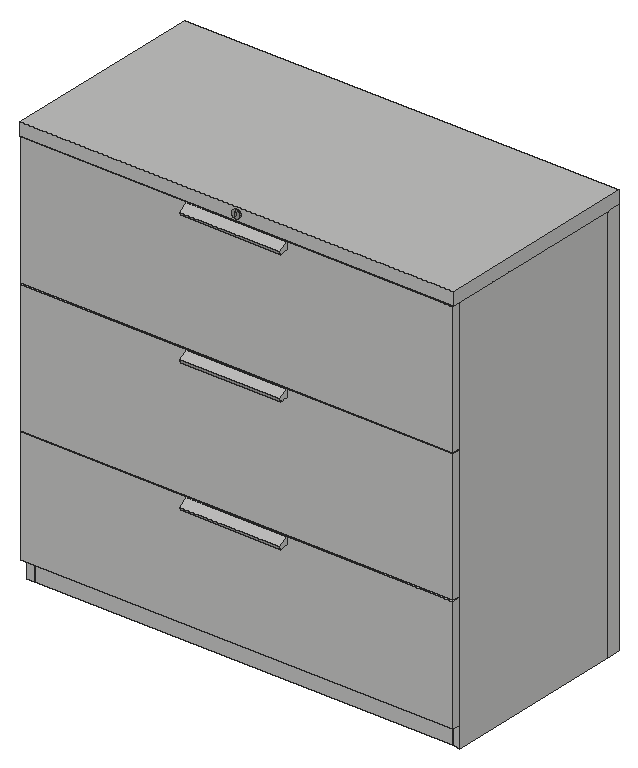
Revit family "Storage-Teknion-PLDBS_Bar_Height_Drawer_Cabinet_Standard-R2015", category Furniture, Revit 2015
Parameters (values of type "Bar Height Drawer Cabinet - Standard")
  Width [instance] = 42.0000"
  Warranty = "http://www.teknion.com/ca/papers/legal-canada"
  Unit Weight URL = "http://www.teknion.com/ca/tools/assets#&asset=bee6a381-b954-425e-8283-5a2de3a804f2,f828d448-4b62-4231-9e5f-9a8991c0ed77"
  URL = "www.teknion.com"
  Top of Top Drawer [instance] = if(Drawer Combination Choice, 11.0790", 12.6790")  # 12.6790"
  Top of Middle Drawer [instance] = if(Drawer Combination Choice, 11.0790", 12.6790")  # 12.6790"
  Top of Bottom Drawer [instance] = if(Drawer Combination Choice, 14.2790", 11.0790")  # 11.0790"
  Sustainability Data = "http://www.teknion.com/ca/tools/assets#&topic=216f99a5-57a0-44fc-b10a-9dee9b29ae4c&asset=444deb64-fe58-4b68-981e-f75e97781df7"
  Series = "Ledger Plus"  # constant formula
  Product Page URL = "http://www.teknion.com/ca/products/product-details?productlineid=1293336e-8e7a-673b-a6c8-ff00004460c4"
  Product Line = "Filing and Storage"
  Product Documentation Link = "http://www.teknion.com/pricing/filing-storage/pdfs/PLDBS_ppg.pdf"
  Part Number = "PLDBS"
  Model = "PLDBS_"
  Manufacturer Phone = "416-661-3370"  # constant formula
  Manufacturer Fax = "416.661.4586"  # constant formula
  Manufacturer Contact Information = "http://www.teknion.com/ca/contactus"
  Manufacturer Address = "1150 Flint Road, Toronto, ON. M3J 2J5. Canada"  # constant formula
  Manufacturer = "Teknion"  # constant formula
  Lock Finish [instance] = Stainless Steel, Polished
  Height = 40.0000"  # constant formula
  Has Interpret Handle Style [instance] = not(Has District Handle Style)  # no
  Has District Handle Style [instance] = yes
  Handle Interior Finish [instance] = Paint - Teknion - Accent - Mineral Teal
  Handle Exterior Finish [instance] = Paint - Teknion - Foundation - Crisp Grey
  Front Finish [instance] = Paint - Teknion - Foundation - Crisp Grey
  Drawer Combination Choice [instance] = no
  Drawer Combination [instance] = if(Drawer Combination Choice, "File/File/Extra Large File", "Large File/Large File/File")  # "Large File/Large File/File"
  District Cutout [instance] = if(Has Interpret Handle Style, 7.0000", 1.0000")  # 1.0000"
  Description = "Bar Height Drawer Cabinet - 40\" High"
  Depth [instance] = 20.0000"
  Case Finish [instance] = Paint - Teknion - Foundation - Crisp Grey
  Bottom of Top Drawer [instance] = if(Drawer Combination Choice, 0.1210", 0.1210")  # 0.1210"
  Bottom of Middle Drawer [instance] = if(Drawer Combination Choice, 0.1210", 0.1210")  # 0.1210"
  Bottom of Bottom Drawer [instance] = if(Drawer Combination Choice, 2.0580", 1.9820")  # 1.9820"
  Available Widths [instance] = "24, 30 ,36 , & 42 Inches"  # constant formula
  Available Drawer Combination = "[checked]= File/File/Extra Large File [unchecked]= Large File/Large File/ File"  # constant formula
  Available Depths [instance] = "18, & 20 Inches"  # constant formula
  Assembly Code = "E2020200"
Reference planes (in)
  plane 1 "Center Front/Back": y = 0
  plane 2: z = 0
  plane 3 "Center Left/Right": x = 0
  plane 4 "Left": x = -21
  plane 5 "Right": x = 21
  plane 6 "Back": y = 10
  plane 7 "Front": y = -10
  plane 8 "Top": z = 40
  plane 9 "Left Inner": x = -20.25
  plane 10 "Right Inner": x = 20.25
  plane 11 "Top Underside": z = 38.76
  plane 12 "Drawer back": y = -9.25
  plane 13 "Case Front": y = -9.195
  plane 14 "Bottom Base": z = 1.806
  plane 15: y = 9.25
  plane 16: y = 8.73
  plane 17 "bottom of bottom": z = 1.982
  plane 18 "top of bottom": z = 13.061
  plane 19 "bottom of middle": z = 13.182
  plane 20 "top of middle": z = 25.861
  plane 21 "bottom of top": z = 25.982
  plane 22 "top of top": z = 38.661
  plane 23 "Cutout": y = -15
Forms (in)
  Extrusion 1, solid, material "Paint - Teknion - Foundation - Crisp Grey" <- "Case Finish"
    sketch origin (0, 0, 38.76) x (-1, 0, 0) y (0, -1, 0)
      loop
        line (21, -10) -> (21, 10) -> (-21, 10) -> (-21, -10) -> (21, -10)
    from 0 to 1.24
  Extrusion 2, solid, material "Paint - Teknion - Foundation - Crisp Grey" <- "Case Finish"
    sketch origin (0, 0, 1.806) x (-1, 0, 0) y (0, -1, 0)
      loop
        line (20.25, -9.25) -> (20.25, 9.195) -> (-20.25, 9.195) -> (-20.25, -9.25) -> (20.25, -9.25)
    from 0 to 0.75
  Extrusion 3, solid, material "Paint - Teknion - Foundation - Crisp Grey" <- "Case Finish"
    sketch origin (0, 0, 0) x (1, 0, 0) y (0, 1, 0)
      loop
        line (-21, 10) -> (-21, 8.73) -> (-20.25, 8.73) -> (-20.25, 9.25) -> (20.25, 9.25) -> (20.25, 8.73) -> (21, 8.73) -> (21, 10) -> (-21, 10)
    from 0 to 38.76
  Extrusion 4, solid, material "Paint - Teknion - Foundation - Crisp Grey" <- "Case Finish"
    sketch origin (0, 0, 0) x (1, 0, 0) y (0, 1, 0)
      loop
        line (-21, 8.73) -> (-21, -9.195) -> (-20.25, -9.195) -> (-20.25, 8.73) -> (-21, 8.73)
    from 0 to 38.76
  Extrusion 5, solid, material "Paint - Teknion - Foundation - Crisp Grey" <- "Case Finish"
    sketch origin (0, 0, 0) x (1, 0, 0) y (0, 1, 0)
      loop
        line (20.25, 8.73) -> (20.25, -9.195) -> (21, -9.195) -> (21, 8.73) -> (20.25, 8.73)
    from 0 to 38.76
  Extrusion 6, solid, material "Paint - Teknion - Foundation - Crisp Grey" <- "Front Finish"
    sketch origin (0, 0, 1.982) x (-1, 0, 0) y (0, -1, 0)
      loop
        line (20.9375, 9.25) -> (20.9375, 10) -> (-20.9375, 10) -> (-20.9375, 9.25) -> (20.9375, 9.25)
    from 0 to 11.079
  Extrusion 7, solid, material "Paint - Teknion - Foundation - Crisp Grey" <- "Front Finish"
    sketch origin (0, 0, 25.982) x (-1, 0, 0) y (0, -1, 0)
      loop
        line (20.9375, 9.25) -> (20.9375, 10) -> (-20.9375, 10) -> (-20.9375, 9.25) -> (20.9375, 9.25)
    from 12.679 to 0
  Extrusion 8, solid, material "Paint - Teknion - Foundation - Crisp Grey" <- "Front Finish"
    sketch origin (0, 0, 13.182) x (-1, 0, 0) y (0, -1, 0)
      loop
        line (20.9375, 9.25) -> (20.9375, 10) -> (-20.9375, 10) -> (-20.9375, 9.25) -> (20.9375, 9.25)
    from 0 to 12.679
  Extrusion 9, solid, material "Paint - Teknion - Foundation - Crisp Grey" <- "Handle Exterior Finish", visible <- "Has District Handle Style"
    sketch origin (0, 0, 0) x (0, 1, 0) y (0, 0, 1)
      loop
        line (-10, 38.22799) -> (-10, 38.661) -> (-10.86603, 38.161) -> (-10.67853, 37.83624)
        arc (-10.67853, 37.83624) -> (-10.34625, 37.93564) -> (-10, 37.91579) r 1.00175
        line (-10, 37.91579) -> (-10, 38.22799)
    from -4.8425 to 4.8425
  Extrusion 10, solid, material "Paint - Teknion - Foundation - Crisp Grey" <- "Handle Exterior Finish", visible <- "Has District Handle Style"
    sketch origin (0, 0, 0) x (0, 1, 0) y (0, 0, 1)
      loop
        line (-10, 25.42799) -> (-10, 25.861) -> (-10.86603, 25.361) -> (-10.67853, 25.03624)
        arc (-10.67853, 25.03624) -> (-10.34625, 25.13564) -> (-10, 25.11579) r 1.00175
        line (-10, 25.11579) -> (-10, 25.42799)
    from -4.8425 to 4.8425
  Extrusion 11, solid, material "Paint - Teknion - Foundation - Crisp Grey" <- "Handle Exterior Finish", visible <- "Has District Handle Style"
    sketch origin (0, 0, 0) x (0, 1, 0) y (0, 0, 1)
      loop
        line (-10, 12.62799) -> (-10, 13.061) -> (-10.86603, 12.561) -> (-10.67853, 12.23624)
        arc (-10.67853, 12.23624) -> (-10.34625, 12.33564) -> (-10, 12.31579) r 1.00175
        line (-10, 12.31579) -> (-10, 12.62799)
    from -4.8425 to 4.8425
  Extrusion 12, solid, material "Paint - Teknion - Foundation - Crisp Grey" <- "Case Finish"
    sketch origin (0, 0, 0) x (1, 0, 0) y (0, 1, 0)
      loop
        line (-20.25, -9.195) -> (20.25, -9.195) -> (20.25, -8.445) -> (-20.25, -8.445) -> (-20.25, -9.195)
    from 0 to 1.806
  Extrusion 13, void
    sketch origin (0, -15, 0) x (-1, 0, 0) y (0, 0, 1)
      loop
        line (4.515, 38.661) -> (-4.515, 38.661) -> (-4.515, 37.246)
        arc (-4.515, 37.246) -> (-4.45642, 37.10458) -> (-4.315, 37.046) r 0.2
        line (-4.315, 37.046) -> (4.315, 37.046)
        arc (4.315, 37.046) -> (4.45642, 37.10458) -> (4.515, 37.246) r 0.2
        line (4.515, 37.246) -> (4.515, 38.661)
    from 0 to 1 <- "District Cutout"
  Extrusion 14, void
    sketch origin (0, -15, 0) x (-1, 0, 0) y (0, 0, 1)
      loop
        line (4.515, 25.861) -> (-4.515, 25.861) -> (-4.515, 24.446)
        arc (-4.515, 24.446) -> (-4.45642, 24.30458) -> (-4.315, 24.246) r 0.2
        line (-4.315, 24.246) -> (4.315, 24.246)
        arc (4.315, 24.246) -> (4.45642, 24.30458) -> (4.515, 24.446) r 0.2
        line (4.515, 24.446) -> (4.515, 25.861)
    from 0 to 1 <- "District Cutout"
  Extrusion 15, void
    sketch origin (0, -15, 0) x (-1, 0, 0) y (0, 0, 1)
      loop
        line (4.515, 13.061) -> (-4.515, 13.061) -> (-4.515, 11.646)
        arc (-4.515, 11.646) -> (-4.45642, 11.50458) -> (-4.315, 11.446) r 0.2
        line (-4.315, 11.446) -> (4.315, 11.446)
        arc (4.315, 11.446) -> (4.45642, 11.50458) -> (4.515, 11.646) r 0.2
        line (4.515, 11.646) -> (4.515, 13.061)
    from 0 to 1 <- "District Cutout"
  Extrusion 16, solid, material "Stainless Steel, Polished" <- "Lock Finish"
    sketch origin (0, -10, 0) x (-1, 0, 0) y (0, 0, -1)
      loop
        circle (0, -39.38) r 0.4
      loop
        line (0.06269, -39.60017) -> (0.06269, -39.15983) -> (-0.06269, -39.15983) -> (-0.06269, -39.60017) -> (0.06269, -39.60017)
    from 0.1 to 0
  Extrusion 17, solid, material "Paint - Teknion - Foundation - Crisp Grey" <- "Handle Exterior Finish", visible <- "Has Interpret Handle Style"
    sketch origin (0, -10, 0) x (-1, 0, 0) y (0, 0, -1)
      loop
        arc (4.618, -37.35393) -> (4.50265, -37.07545) -> (4.22417, -36.9601) r 0.39383
        line (4.22417, -36.9601) -> (-4.12448, -36.9601)
        arc (-4.12448, -36.9601) -> (-4.47345, -37.10465) -> (-4.618, -37.45362) r 0.49352
        line (-4.618, -37.45362) -> (-4.618, -38.7096) -> (4.618, -38.7096) -> (4.618, -37.35393)
    from 0 to 0.044
  Extrusion 18, solid, material "Paint - Teknion - Foundation - Crisp Grey" <- "Handle Exterior Finish", visible <- "Has Interpret Handle Style"
    sketch origin (0, -10, 0) x (-1, 0, 0) y (0, 0, -1)
      loop
        arc (4.618, -24.55393) -> (4.50265, -24.27545) -> (4.22417, -24.1601) r 0.39383
        line (4.22417, -24.1601) -> (-4.12448, -24.1601)
        arc (-4.12448, -24.1601) -> (-4.47345, -24.30465) -> (-4.618, -24.65362) r 0.49352
        line (-4.618, -24.65362) -> (-4.618, -25.9096) -> (4.618, -25.9096) -> (4.618, -24.55393)
    from 0 to 0.044
  Extrusion 19, solid, material "Paint - Teknion - Foundation - Crisp Grey" <- "Handle Exterior Finish", visible <- "Has Interpret Handle Style"
    sketch origin (0.01263, -10, 0) x (-1, 0, 0) y (0, 0, -1)
      loop
        arc (4.63063, -11.75393) -> (4.51528, -11.47545) -> (4.2368, -11.3601) r 0.39383
        line (4.2368, -11.3601) -> (-4.11185, -11.3601)
        arc (-4.11185, -11.3601) -> (-4.46082, -11.50465) -> (-4.60537, -11.85362) r 0.49352
        line (-4.60537, -11.85362) -> (-4.60537, -13.1096) -> (4.63063, -13.1096) -> (4.63063, -11.75393)
    from 0 to 0.044
  Extrusion 20, solid, material "Paint - Teknion - Foundation - Crisp Grey" <- "Handle Exterior Finish", visible <- "Has Interpret Handle Style"
    sketch origin (0, -10, 0) x (-1, 0, 0) y (0, 0, -1)
      loop
        line (4.5315, -38.661) -> (4.5315, -37.5135)
        arc (4.5315, -37.5135) -> (4.39457, -37.18293) -> (4.064, -37.046) r 0.4675
        line (4.064, -37.046) -> (-4.064, -37.046)
        arc (-4.064, -37.046) -> (-4.39457, -37.18293) -> (-4.5315, -37.5135) r 0.4675
        line (-4.5315, -37.5135) -> (-4.5315, -38.661) -> (-4.618, -38.661) -> (-4.618, -38.7096) -> (4.618, -38.7096) -> (4.618, -38.661) -> (4.5315, -38.661)
    from 0 to -0.75
  Extrusion 21, solid, material "Paint - Teknion - Foundation - Crisp Grey" <- "Handle Exterior Finish", visible <- "Has Interpret Handle Style"
    sketch origin (0, -10, 0) x (-1, 0, 0) y (0, 0, -1)
      loop
        line (4.5315, -25.861) -> (4.5315, -24.7135)
        arc (4.5315, -24.7135) -> (4.39457, -24.38293) -> (4.064, -24.246) r 0.4675
        line (4.064, -24.246) -> (-4.064, -24.246)
        arc (-4.064, -24.246) -> (-4.39457, -24.38293) -> (-4.5315, -24.7135) r 0.4675
        line (-4.5315, -24.7135) -> (-4.5315, -25.861) -> (-4.618, -25.861) -> (-4.618, -25.9096) -> (4.618, -25.9096) -> (4.618, -25.861) -> (4.5315, -25.861)
    from 0 to -0.75
  Extrusion 22, solid, material "Paint - Teknion - Foundation - Crisp Grey" <- "Handle Exterior Finish", visible <- "Has Interpret Handle Style"
    sketch origin (0.07513, -10, 0) x (-1, 0, 0) y (0, 0, -1)
      loop
        line (4.60663, -13.061) -> (4.60663, -11.9135)
        arc (4.60663, -11.9135) -> (4.4697, -11.58293) -> (4.13914, -11.446) r 0.4675
        line (4.13914, -11.446) -> (-3.98887, -11.446)
        arc (-3.98887, -11.446) -> (-4.31944, -11.58293) -> (-4.45637, -11.9135) r 0.4675
        line (-4.45637, -11.9135) -> (-4.45637, -13.061) -> (-4.54287, -13.061) -> (-4.54287, -13.1096) -> (4.69313, -13.1096) -> (4.69313, -13.061) -> (4.60663, -13.061)
    from 0 to -0.75
  Extrusion 23, void
    sketch origin (0, 0, 0) x (0, 1, 0) y (0, 0, 1)
      loop
        line (-10.044, 37.05743) -> (-9.94181, 37.39503) -> (-9.91434, 37.42866) -> (-9.8833, 37.42472) -> (-9.85079, 37.37697) -> (-9.83665, 37.3436) -> (-9.79356, 37.29987) -> (-9.73867, 37.25897) -> (-9.66568, 37.2233) -> (-9.59017, 37.2017) -> (-9.54276, 37.19801) -> (-9.3409, 37.19589) -> (-9.3409, 38.5242) -> (-9.56257, 38.52149) -> (-9.69401, 38.48491) -> (-9.78341, 38.42854) -> (-9.82935, 38.38649) -> (-9.84769, 38.35404) -> (-9.85605, 38.31657) -> (-9.89655, 38.29306) -> (-10.01601, 38.2941)
        arc (-10.01601, 38.2941) -> (-10.03511, 38.29663) -> (-10.044, 38.31371) r 0.02086
        line (-10.044, 38.31371) -> (-10.044, 37.05743)
    from -4.1195 to 4.1195
  Extrusion 24, void
    sketch origin (0, 0, 0) x (0, 1, 0) y (0, 0, 1)
      loop
        line (-10.044, 24.25743) -> (-9.94181, 24.59503) -> (-9.91434, 24.62866) -> (-9.8833, 24.62472) -> (-9.85079, 24.57697) -> (-9.83665, 24.5436) -> (-9.79356, 24.49987) -> (-9.73867, 24.45897) -> (-9.66568, 24.4233) -> (-9.59017, 24.4017) -> (-9.54276, 24.39801) -> (-9.3409, 24.39589) -> (-9.3409, 25.7242) -> (-9.56257, 25.72149) -> (-9.69401, 25.68491) -> (-9.78341, 25.62854) -> (-9.82935, 25.58649) -> (-9.84769, 25.55404) -> (-9.85605, 25.51657) -> (-9.89655, 25.49306) -> (-10.01601, 25.4941)
        arc (-10.01601, 25.4941) -> (-10.03511, 25.49663) -> (-10.044, 25.51371) r 0.02086
        line (-10.044, 25.51371) -> (-10.044, 24.25743)
    from -4.1195 to 4.1195
  Extrusion 25, void
    sketch origin (0, 0, 0) x (0, 1, 0) y (0, 0, 1)
      loop
        line (-10.044, 11.45743) -> (-9.94181, 11.79503) -> (-9.91434, 11.82866) -> (-9.8833, 11.82472) -> (-9.85079, 11.77697) -> (-9.83665, 11.7436) -> (-9.79356, 11.69987) -> (-9.73867, 11.65897) -> (-9.66568, 11.6233) -> (-9.59017, 11.6017) -> (-9.54276, 11.59801) -> (-9.3409, 11.59589) -> (-9.3409, 12.9242) -> (-9.56257, 12.92149) -> (-9.69401, 12.88491) -> (-9.78341, 12.82854) -> (-9.82935, 12.78649) -> (-9.84769, 12.75404) -> (-9.85605, 12.71657) -> (-9.89655, 12.69306) -> (-10.01601, 12.6941)
        arc (-10.01601, 12.6941) -> (-10.03511, 12.69663) -> (-10.044, 12.71371) r 0.02086
        line (-10.044, 12.71371) -> (-10.044, 11.45743)
    from -4.1195 to 4.1195
Cuts and joins
  Extrusion 13 cuts Extrusion 7
  Extrusion 14 cuts Extrusion 8
  Extrusion 15 cuts Extrusion 6
  Extrusion 23 cuts Extrusion 17
  Extrusion 23 cuts Extrusion 20
  joined: Extrusion 17, Extrusion 20
  Extrusion 24 cuts Extrusion 18
  Extrusion 24 cuts Extrusion 21
  joined: Extrusion 18, Extrusion 21
  Extrusion 25 cuts Extrusion 19
  Extrusion 25 cuts Extrusion 22
  joined: Extrusion 19, Extrusion 22
Lines and regions (in)
  Masking region 1
    outline origin (0, 0, 0) x (1, 0, 0) y (0, 1, 0)
      loop
        line (-21, 10) -> (-21, -10) -> (21, -10) -> (21, 10) -> (-21, 10)
  Masking region 2, visible <- "Has Interpret Handle Style"
    outline origin (0, 0, 0) x (1, 0, 0) y (0, 1, 0)
      loop
        line (-4.618, -10.044) -> (4.66784, -10.044) -> (4.66784, -10) -> (-4.618, -10) -> (-4.618, -10.044)
  Masking region 3, visible <- "Has District Handle Style"
    outline origin (0, 0, 0) x (1, 0, 0) y (0, 1, 0)
      loop
        line (-4.8425, -10) -> (-4.8425, -10.86603) -> (4.8425, -10.86603) -> (4.8425, -10) -> (-4.8425, -10)
  Masking region 4
    outline origin (0, 0, 0) x (1, 0, 0) y (0, 1, 0)
      loop
        line (-0.40074, -10) -> (-0.40074, -10.1) -> (0.39926, -10.1) -> (0.39926, -10) -> (-0.40074, -10)
  symbolic lines, style "FurnitureHiddenLines", detail levels medium+fine
    curve 1: line (-20.9375, -10, 0) -> (-20.9375, -9.25, 0)
    curve 2: line (-20.9375, -9.25, 0) -> (20.9375, -9.25, 0)
    curve 3: line (20.9375, -9.25, 0) -> (20.9375, -10, 0)
    curve 4: line (20.25, -9.195, 0) -> (20.25, 9.25, 0)
    curve 5: line (20.25, 9.25, 0) -> (-20.25, 9.25, 0)
    curve 6: line (-20.25, 9.25, 0) -> (-20.25, -9.195, 0)
    curve 7: line (-20.25, -8.445, 0) -> (20.25, -8.445, 0)
    curve 8: line (-21, 8.73, 0) -> (-20.25, 8.73, 0)
    curve 9: line (20.25, 8.73, 0) -> (21, 8.73, 0)
  symbolic lines, style "FurnitureHiddenLines", visible <- "Has Interpret Handle Style", detail levels medium+fine
    curve 10: line (-4.618, -9.25, 0) -> (-4.618, -10, 0)
    curve 11: line (4.618, -9.25, 0) -> (4.618, -10, 0)
  symbolic lines
    curve 12: line (-0.40074, -10, 0) -> (-0.40074, -10.1, 0)
    curve 13: line (-0.40074, -10.1, 0) -> (0.39926, -10.1, 0)
    curve 14: line (0.39926, -10.1, 0) -> (0.39926, -10, 0)
  symbolic lines, style "FurnitureHiddenLines", visible <- "Has Interpret Handle Style", detail levels fine
    curve 15: line (-4.1195, -10.044, 0) -> (-4.1195, -9.3409, 0)
    curve 16: line (-4.1195, -9.3409, 0) -> (4.1195, -9.3409, 0)
    curve 17: line (4.1195, -9.3409, 0) -> (4.1195, -10.044, 0)
  reference lines, not visible
    curve 18: line (-21, 10, 0) -> (21, 10, 0)
    curve 19: line (21, 10, 0) -> (21, -10, 0)
    curve 20: line (21, -10, 0) -> (-21, -10, 0)
    curve 21: line (-21, 10, 0) -> (-21, -10, 0)
Dimensions and locks (in)
  "Width": plane 4 "Left" to plane 5 "Right"
  "Depth": plane 6 "Back" to plane 7 "Front"
  "Height": plane 8 "Top" to level
  equal spacing: plane 6 "Back", plane 1 "Center Front/Back", plane 7 "Front"
  equal spacing: plane 4 "Left", plane 3 "Center Left/Right", plane 5 "Right"
  locked: plane 9 "Left Inner" to plane 4 "Left" at 0.75
  locked: plane 5 "Right" to plane 10 "Right Inner" at 0.75
  locked: plane 8 "Top" to plane 11 "Top Underside" at 1.24
  locked: plane 7 "Front" to plane 12 "Drawer back" at 0.75
  locked: plane 13 "Case Front" to plane 12 "Drawer back" at 0.055
  plane 14 "Bottom Base" to level = 1.8060"
  locked: plane 6 "Back" to plane 16 at 1.27
  locked: plane 6 "Back" to plane 15 at 0.75
  "Bottom of Bottom Drawer": plane 17 "bottom of bottom" to level
  "Top of Bottom Drawer": plane 18 "top of bottom" to plane 17 "bottom of bottom"
  "Bottom of Middle Drawer": plane 19 "bottom of middle" to plane 18 "top of bottom"
  "Top of Middle Drawer": plane 20 "top of middle" to plane 19 "bottom of middle"
  "Bottom of Top Drawer": plane 21 "bottom of top" to plane 20 "top of middle"
  "Top of Top Drawer": plane 22 "top of top" to plane 21 "bottom of top"
  plane 4 "Left" to Extrusion 6 sketch curve = 0.0625"
  locked: Extrusion 6 sketch curve to plane 5 "Right" at 0.0625
  locked: Extrusion 9 sketch curve to plane 7 "Front" at 0
  locked: Extrusion 9 sketch curve to plane 22 "top of top" at 0
  locked: Extrusion 10 sketch curve to plane 7 "Front" at 0
  locked: Extrusion 10 sketch curve to plane 20 "top of middle" at 0
  locked: Extrusion 11 sketch curve to plane 7 "Front" at 0
  locked: Extrusion 11 sketch curve to plane 18 "top of bottom" at 0
  locked: Extrusion 12 sketch curve to plane 13 "Case Front" at 0.75
  locked: plane 23 "Cutout" to Extrusion 8 at 5
  locked: Extrusion 13 sketch curve to Extrusion 13 sketch curve at 9.03
  locked: Extrusion 13 sketch curve to Extrusion 13 sketch curve at 1.615
  locked: Extrusion 14 sketch curve to Extrusion 14 sketch curve at 9.03
  locked: Extrusion 14 sketch curve to Extrusion 14 sketch curve at 1.615
  locked: Extrusion 15 sketch curve to Extrusion 15 sketch curve at 9.03
  locked: Extrusion 15 sketch curve to Extrusion 15 sketch curve at 1.615
  locked: Extrusion 13 sketch curve to plane 22 "top of top" at 0
  locked: Extrusion 14 sketch curve to plane 20 "top of middle" at 0
  locked: Extrusion 15 sketch curve to plane 18 "top of bottom" at 0
  locked: Extrusion 17 sketch curve to Extrusion 17 sketch curve at 9.236
  locked: Extrusion 17 sketch curve to Extrusion 17 sketch curve at 1.7495
  locked: Extrusion 18 sketch curve to Extrusion 18 sketch curve at 9.236
  locked: Extrusion 18 sketch curve to Extrusion 18 sketch curve at 1.7495
  locked: Extrusion 19 sketch curve to Extrusion 19 sketch curve at 1.7495
  locked: Extrusion 17 sketch curve to plane 22 "top of top" at 0.0486
  locked: Extrusion 18 sketch curve to plane 20 "top of middle" at 0.0486
  locked: Extrusion 19 sketch curve to plane 18 "top of bottom" at 0.0486
  locked: Extrusion 20 sketch curve to plane 22 "top of top" at 0.0486
  locked: Extrusion 18 to plane 20 "top of middle" at 0.0486
  locked: Extrusion 19 to plane 18 "top of bottom" at 0.0486
  locked: plane 22 "top of top" to Extrusion 23 sketch curve at 0.1368
  locked: plane 12 "Drawer back" to Extrusion 23 sketch curve at 0.0909
  locked: cut or joined group of Extrusion 8, Extrusion 14 to Extrusion 24 sketch curve at 0.1368
  locked: plane 12 "Drawer back" to Extrusion 24 sketch curve at 0.0909
  locked: cut or joined group of Extrusion 6, Extrusion 15 to Extrusion 25 sketch curve at 0.1368
  locked: plane 12 "Drawer back" to Extrusion 25 sketch curve at 0.0909
  locked: Extrusion 2 to plane 14 "Bottom Base" at 0.75
  locked: Extrusion 2 to plane 17 "bottom of bottom" at 0.574
  Extrusion 10 to plane 3 "Center Left/Right" to Extrusion 10 = 4.8425" locked, 4.8425" locked
  Extrusion 9 to plane 3 "Center Left/Right" to Extrusion 9 = 4.8425" locked, 4.8425" locked
  Extrusion 11 to plane 3 "Center Left/Right" to Extrusion 11 = 4.8425" locked, 4.8425" locked
  locked: Extrusion 10 sketch curve to Extrusion 10 sketch curve at 1
  locked: Extrusion 10 sketch curve to Extrusion 10 sketch curve at 0.375
  locked: Extrusion 10 sketch curve to Extrusion 10 sketch curve at 0.74521
  locked: Extrusion 9 sketch curve to Extrusion 9 sketch curve at 1
  locked: Extrusion 9 sketch curve to Extrusion 9 sketch curve at 0.375
  locked: Extrusion 9 sketch curve to Extrusion 9 sketch curve at 0.74521
  locked: Extrusion 11 sketch curve to Extrusion 11 sketch curve at 1
  locked: Extrusion 11 sketch curve to Extrusion 11 sketch curve at 0.375
  locked: Extrusion 11 sketch curve to Extrusion 11 sketch curve at 0.74521
  equal spacing: Extrusion 19 sketch curve, plane 3 "Center Left/Right", Extrusion 19 sketch curve
  locked: Extrusion 19 sketch curve to Extrusion 19 sketch curve at 9.236
  equal spacing: Extrusion 15 sketch curve, plane 3 "Center Left/Right", Extrusion 15 sketch curve
  locked: Extrusion 22 sketch curve to Extrusion 22 sketch curve at 1.6636
  equal spacing: Extrusion 22 sketch curve, plane 3 "Center Left/Right", Extrusion 22 sketch curve  (x2)
  locked: Extrusion 22 sketch curve to Extrusion 22 sketch curve at 9.063
  locked: Extrusion 22 sketch curve to plane 18 "top of bottom" at 0.0486
  locked: Extrusion 22 sketch curve to Extrusion 22 sketch curve at 9.236
  equal spacing: Extrusion 18 sketch curve, plane 3 "Center Left/Right", Extrusion 18 sketch curve
  equal spacing: Extrusion 14 sketch curve, plane 3 "Center Left/Right", Extrusion 14 sketch curve
  equal spacing: Extrusion 21 sketch curve, plane 3 "Center Left/Right", Extrusion 21 sketch curve  (x2)
  locked: Extrusion 21 sketch curve to Extrusion 21 sketch curve at 9.063
  locked: Extrusion 21 sketch curve to Extrusion 21 sketch curve at 9.236
  locked: Extrusion 21 sketch curve to Extrusion 21 sketch curve at 1.6636
  Extrusion 16 sketch curve to Extrusion 16 sketch curve to Extrusion 16 sketch curve = 0.22017" locked, 0.22017" locked
  Extrusion 16 sketch curve to Extrusion 16 sketch curve to Extrusion 16 sketch curve = 0.06269" locked, 0.06269" locked
  equal spacing: plane 8 "Top", Extrusion 16 sketch curve, plane 11 "Top Underside", locked at 0.62 each
  locked: plane 3 "Center Left/Right" to Extrusion 16 sketch curve at 0
  locked: plane 7 "Front" to Extrusion 16 at 0.1
  locked: plane 12 "Drawer back" to Extrusion 16 at 0.85
  radius of Extrusion 10 sketch curve = 1.00175"
  radius of Extrusion 9 sketch curve = 1.00175"
  aligned and locked: level to plane 2
  aligned and locked: plane 5 "Right" to Extrusion 1 sketch curve
  aligned and locked: Extrusion 1 sketch curve to plane 6 "Back"
  aligned and locked: plane 4 "Left" to Extrusion 1 sketch curve
  aligned and locked: Extrusion 1 sketch curve to plane 7 "Front"
  aligned and locked: plane 8 "Top" to Extrusion 1
  aligned and locked: Extrusion 2 sketch curve to plane 15
  aligned and locked: plane 9 "Left Inner" to Extrusion 2 sketch curve
  aligned and locked: plane 13 "Case Front" to Extrusion 2 sketch curve
  aligned and locked: Extrusion 2 sketch curve to plane 10 "Right Inner"
  aligned and locked: Extrusion 3 sketch curve to plane 4 "Left"
  aligned and locked: Extrusion 3 sketch curve to plane 16  (x2)
  aligned and locked: plane 9 "Left Inner" to Extrusion 3 sketch curve
  aligned and locked: Extrusion 3 sketch curve to plane 15
  aligned and locked: Extrusion 3 sketch curve to plane 10 "Right Inner"
  aligned and locked: Extrusion 3 sketch curve to plane 5 "Right"
  aligned and locked: plane 6 "Back" to Extrusion 3 sketch curve
  aligned and locked: plane 11 "Top Underside" to Extrusion 3
  aligned and locked: plane 4 "Left" to Extrusion 4 sketch curve
  aligned and locked: Extrusion 4 sketch curve to plane 9 "Left Inner"
  aligned and locked: plane 13 "Case Front" to Extrusion 4 sketch curve
  aligned and locked: Extrusion 4 sketch curve to plane 16
  aligned and locked: Extrusion 5 sketch curve to plane 16
  aligned and locked: plane 10 "Right Inner" to Extrusion 5 sketch curve
  aligned and locked: plane 13 "Case Front" to Extrusion 5 sketch curve
  aligned and locked: plane 5 "Right" to Extrusion 5 sketch curve
  aligned and locked: plane 11 "Top Underside" to Extrusion 4
  aligned and locked: plane 11 "Top Underside" to Extrusion 5
  aligned and locked: Extrusion 6 sketch curve to plane 12 "Drawer back"
  aligned and locked: Extrusion 6 sketch curve to plane 7 "Front"
  aligned and locked: plane 18 "top of bottom" to Extrusion 6
  aligned and locked: Extrusion 7 sketch curve to plane 12 "Drawer back"
  aligned and locked: Extrusion 7 sketch curve to Extrusion 6  (x2)
  aligned and locked: Extrusion 7 sketch curve to plane 7 "Front"
  aligned and locked: Extrusion 8 sketch curve to plane 12 "Drawer back"
  aligned and locked: Extrusion 8 sketch curve to Extrusion 7  (x2)
  aligned and locked: Extrusion 8 sketch curve to plane 7 "Front"
  aligned and locked: plane 22 "top of top" to Extrusion 7
  aligned and locked: plane 20 "top of middle" to Extrusion 8
  aligned and locked: Extrusion 12 sketch curve to plane 13 "Case Front"
  aligned and locked: Extrusion 12 sketch curve to plane 9 "Left Inner"
  aligned and locked: plane 10 "Right Inner" to Extrusion 12 sketch curve
  aligned and locked: plane 14 "Bottom Base" to Extrusion 12
  aligned and locked: plane 12 "Drawer back" to Extrusion 21
  aligned and locked: plane 12 "Drawer back" to Extrusion 20
  aligned and locked: plane 12 "Drawer back" to Extrusion 22
  aligned and locked: Masking region 3 sketch curve to Extrusion 9  (x3)
  aligned and locked: plane 7 "Front" to Masking region 3 sketch curve
  aligned and locked: Masking region 4 sketch curve to Extrusion 16
  aligned and locked: plane 7 "Front" to Masking region 4 sketch curve
  aligned and locked: curve 9 to plane 16
  aligned and locked: plane 10 "Right Inner" to curve 4
  aligned and locked: curve 7 to Extrusion 12
  aligned and locked: curve 6 to plane 9 "Left Inner"
  aligned and locked: curve 8 to plane 16
  aligned and locked: curve 10 to cut or joined group of Extrusion 17, Extrusion 20, Extrusion 23
  aligned and locked: curve 21 to plane 4 "Left"
  aligned and locked: curve 18 to plane 6 "Back"
  aligned and locked: plane 5 "Right" to curve 19
  aligned and locked: curve 20 to plane 7 "Front"
  aligned and locked: Masking region 1 to plane 4 "Left"
  aligned and locked: plane 9 "Left Inner" to Extrusion 4
  aligned and locked: Extrusion 1 to plane 11 "Top Underside"
  aligned and locked: Extrusion 4 to level
  aligned and locked: Extrusion 3 to level
  aligned and locked: Extrusion 3 to Extrusion 1
  aligned and locked: Extrusion 5 to level
  aligned and locked: Extrusion 7 to plane 21 "bottom of top"
  aligned and locked: Extrusion 8 to cut or joined group of Extrusion 18, Extrusion 21, Extrusion 24
  aligned and locked: Extrusion 7 to cut or joined group of Extrusion 17, Extrusion 20, Extrusion 23
  aligned and locked: Extrusion 8 to plane 19 "bottom of middle"
  aligned and locked: Extrusion 6 to plane 17 "bottom of bottom"
  aligned and locked: Extrusion 12 to level
  aligned and locked: Extrusion 2 to plane 14 "Bottom Base"
  aligned and locked: Extrusion 22 sketch curve to plane 18 "top of bottom"
  aligned and locked: Extrusion 21 sketch curve to plane 20 "top of middle"  (x2)
  aligned and locked: Extrusion 16 to plane 7 "Front"
  aligned and locked: curve 17 to cut or joined group of Extrusion 17, Extrusion 20, Extrusion 23
  aligned and locked: curve 15 to cut or joined group of Extrusion 17, Extrusion 20, Extrusion 23
  aligned and locked: curve 16 to cut or joined group of Extrusion 17, Extrusion 20, Extrusion 23
Automatic sketch dimensions
  Extrusion 3 sketch curve to plane 5 "Right" = 0.0000"
  Extrusion 9 sketch curve to Extrusion 9 sketch curve = 0.1875"
  Extrusion 9 sketch curve to Extrusion 9 sketch curve = 0.3122"
  Extrusion 10 sketch curve to Extrusion 10 sketch curve = 0.1875"
  Extrusion 10 sketch curve to Extrusion 10 sketch curve = 0.3122"
  plane 7 "Front" to Extrusion 11 sketch curve = 0.22961"
  Extrusion 11 sketch curve to Extrusion 11 sketch curve = 0.1875"
  Extrusion 11 sketch curve to Extrusion 11 sketch curve = 0.3122"
  plane 3 "Center Left/Right" to Extrusion 13 sketch curve = 4.5150"
  Extrusion 13 sketch curve to Extrusion 13 sketch curve = 0.2000"  (x2)
  Extrusion 14 sketch curve to Extrusion 14 sketch curve = 0.2000"  (x2)
  Extrusion 15 sketch curve to Extrusion 15 sketch curve = 0.2000"  (x2)
  Extrusion 17 sketch curve to plane 3 "Center Left/Right" = 4.6180"
  Extrusion 17 sketch curve to Extrusion 17 sketch curve = 0.49352"
  Extrusion 17 sketch curve to Extrusion 17 sketch curve = 0.39383"
  Extrusion 18 sketch curve to Extrusion 18 sketch curve = 0.49352"
  Extrusion 18 sketch curve to Extrusion 18 sketch curve = 0.39383"
  Extrusion 19 sketch curve to Extrusion 19 sketch curve = 0.49352"
  Extrusion 19 sketch curve to Extrusion 19 sketch curve = 0.39383"
  plane 22 "top of top" to Extrusion 20 sketch curve = 0.0000"  (x2)
  Extrusion 20 sketch curve to plane 3 "Center Left/Right" = 4.6180"
  Extrusion 20 sketch curve to Extrusion 20 sketch curve = 0.0865"  (x2)
  Extrusion 20 sketch curve to Extrusion 20 sketch curve = 0.4675"  (x2)
  plane 22 "top of top" to Extrusion 20 sketch curve = 1.1475"
  plane 3 "Center Left/Right" to Extrusion 20 sketch curve = 4.0640"
  plane 7 "Front" to Extrusion 23 sketch curve = 0.0440"
  Extrusion 23 sketch curve to Extrusion 23 sketch curve = 0.02086"
  plane 7 "Front" to Extrusion 23 sketch curve = 0.01601"
  Extrusion 23 sketch curve to plane 7 "Front" = 0.05819"
  Extrusion 23 sketch curve to Extrusion 23 sketch curve = 0.02746"
  Extrusion 23 sketch curve to plane 7 "Front" = 0.10345"
  Extrusion 23 sketch curve to Extrusion 23 sketch curve = 0.03105"
  Extrusion 23 sketch curve to Extrusion 23 sketch curve = 0.0405"
  Extrusion 23 sketch curve to Extrusion 23 sketch curve = 0.03251"
  Extrusion 23 sketch curve to Extrusion 23 sketch curve = 0.00836"
  Extrusion 23 sketch curve to Extrusion 23 sketch curve = 0.01413"
  Extrusion 23 sketch curve to Extrusion 23 sketch curve = 0.01834"
  Extrusion 23 sketch curve to Extrusion 23 sketch curve = 0.0431"
  Extrusion 23 sketch curve to Extrusion 23 sketch curve = 0.04595"
  Extrusion 23 sketch curve to Extrusion 23 sketch curve = 0.05489"
  Extrusion 23 sketch curve to Extrusion 23 sketch curve = 0.0894"
  Extrusion 23 sketch curve to Extrusion 23 sketch curve = 0.07299"
  Extrusion 23 sketch curve to Extrusion 23 sketch curve = 0.07551"
  Extrusion 23 sketch curve to plane 22 "top of top" = 0.13951"
  Extrusion 23 sketch curve to Extrusion 23 sketch curve = 0.13144"
  Extrusion 23 sketch curve to Extrusion 23 sketch curve = 0.04741"
  Extrusion 23 sketch curve to Extrusion 23 sketch curve = 0.03657"
  Extrusion 23 sketch curve to Extrusion 23 sketch curve = 0.05637"
  Extrusion 23 sketch curve to Extrusion 23 sketch curve = 0.04206"
  Extrusion 23 sketch curve to Extrusion 23 sketch curve = 0.03244"
  Extrusion 23 sketch curve to Extrusion 23 sketch curve = 0.03747"
  Extrusion 23 sketch curve to Extrusion 23 sketch curve = 0.00286"
  Extrusion 23 sketch curve to Extrusion 23 sketch curve = 0.02351"
  Extrusion 23 sketch curve to Extrusion 23 sketch curve = 0.86441"
  Extrusion 23 sketch curve to Extrusion 23 sketch curve = 0.00394"
  Extrusion 23 sketch curve to Extrusion 23 sketch curve = 0.03363"
  Extrusion 23 sketch curve to Extrusion 23 sketch curve = 0.04775"
  Extrusion 23 sketch curve to Extrusion 23 sketch curve = 0.03337"
  Extrusion 23 sketch curve to Extrusion 23 sketch curve = 0.04373"
  Extrusion 23 sketch curve to Extrusion 23 sketch curve = 0.0409"
  Extrusion 23 sketch curve to Extrusion 23 sketch curve = 0.03567"
  Extrusion 23 sketch curve to Extrusion 23 sketch curve = 0.0216"
  Extrusion 23 sketch curve to Extrusion 23 sketch curve = 0.00369"
  Extrusion 23 sketch curve to Extrusion 23 sketch curve = 0.00211"
  Extrusion 23 sketch curve to Extrusion 23 sketch curve = 0.24244"
  plane 7 "Front" to Extrusion 24 sketch curve = 0.0440"
  Extrusion 24 sketch curve to Extrusion 24 sketch curve = 0.02086"
  plane 7 "Front" to Extrusion 24 sketch curve = 0.01601"
  Extrusion 24 sketch curve to plane 7 "Front" = 0.05819"
  Extrusion 24 sketch curve to Extrusion 24 sketch curve = 0.02746"
  Extrusion 24 sketch curve to plane 7 "Front" = 0.10345"
  Extrusion 24 sketch curve to Extrusion 24 sketch curve = 0.03105"
  Extrusion 24 sketch curve to Extrusion 24 sketch curve = 0.0405"
  Extrusion 24 sketch curve to Extrusion 24 sketch curve = 0.03251"
  Extrusion 24 sketch curve to Extrusion 24 sketch curve = 0.00836"
  Extrusion 24 sketch curve to Extrusion 24 sketch curve = 0.01413"
  Extrusion 24 sketch curve to Extrusion 24 sketch curve = 0.01834"
  Extrusion 24 sketch curve to Extrusion 24 sketch curve = 0.0431"
  Extrusion 24 sketch curve to Extrusion 24 sketch curve = 0.04595"
  Extrusion 24 sketch curve to Extrusion 24 sketch curve = 0.05489"
  Extrusion 24 sketch curve to plane 20 "top of middle" = 0.17609"
  Extrusion 24 sketch curve to Extrusion 24 sketch curve = 0.0894"
  Extrusion 24 sketch curve to Extrusion 24 sketch curve = 0.07299"
  Extrusion 24 sketch curve to Extrusion 24 sketch curve = 0.07551"
  Extrusion 24 sketch curve to plane 20 "top of middle" = 0.13951"
  Extrusion 24 sketch curve to Extrusion 24 sketch curve = 0.13144"
  Extrusion 24 sketch curve to Extrusion 24 sketch curve = 0.04741"
  Extrusion 24 sketch curve to Extrusion 24 sketch curve = 0.05637"
  Extrusion 24 sketch curve to Extrusion 24 sketch curve = 0.04206"
  Extrusion 24 sketch curve to Extrusion 24 sketch curve = 0.03244"
  Extrusion 24 sketch curve to Extrusion 24 sketch curve = 0.03747"
  Extrusion 24 sketch curve to Extrusion 24 sketch curve = 0.00286"
  Extrusion 24 sketch curve to Extrusion 24 sketch curve = 0.02351"
  Extrusion 24 sketch curve to Extrusion 24 sketch curve = 0.86441"
  Extrusion 24 sketch curve to Extrusion 24 sketch curve = 0.00394"
  Extrusion 24 sketch curve to Extrusion 24 sketch curve = 0.03363"
  Extrusion 24 sketch curve to Extrusion 24 sketch curve = 0.04775"
  Extrusion 24 sketch curve to Extrusion 24 sketch curve = 0.03337"
  Extrusion 24 sketch curve to Extrusion 24 sketch curve = 0.04373"
  Extrusion 24 sketch curve to Extrusion 24 sketch curve = 0.0409"
  Extrusion 24 sketch curve to Extrusion 24 sketch curve = 0.03567"
  Extrusion 24 sketch curve to Extrusion 24 sketch curve = 0.0216"
  Extrusion 24 sketch curve to Extrusion 24 sketch curve = 0.00369"
  Extrusion 24 sketch curve to Extrusion 24 sketch curve = 0.00211"
  Extrusion 24 sketch curve to Extrusion 24 sketch curve = 0.24244"
  plane 7 "Front" to Extrusion 25 sketch curve = 0.0440"
  Extrusion 25 sketch curve to Extrusion 25 sketch curve = 0.02086"
  plane 7 "Front" to Extrusion 25 sketch curve = 0.01601"
  Extrusion 25 sketch curve to plane 7 "Front" = 0.05819"
  Extrusion 25 sketch curve to Extrusion 25 sketch curve = 0.02746"
  Extrusion 25 sketch curve to plane 7 "Front" = 0.10345"
  Extrusion 25 sketch curve to Extrusion 25 sketch curve = 0.03105"
  Extrusion 25 sketch curve to Extrusion 25 sketch curve = 0.0405"
  Extrusion 25 sketch curve to Extrusion 25 sketch curve = 0.03251"
  Extrusion 25 sketch curve to Extrusion 25 sketch curve = 0.00836"
  Extrusion 25 sketch curve to Extrusion 25 sketch curve = 0.01413"
  Extrusion 25 sketch curve to Extrusion 25 sketch curve = 0.01834"
  Extrusion 25 sketch curve to Extrusion 25 sketch curve = 0.0431"
  Extrusion 25 sketch curve to Extrusion 25 sketch curve = 0.04595"
  Extrusion 25 sketch curve to Extrusion 25 sketch curve = 0.05489"
  Extrusion 25 sketch curve to plane 18 "top of bottom" = 0.17609"
  Extrusion 25 sketch curve to Extrusion 25 sketch curve = 0.0894"
  Extrusion 25 sketch curve to Extrusion 25 sketch curve = 0.07299"
  Extrusion 25 sketch curve to Extrusion 25 sketch curve = 0.07551"
  Extrusion 25 sketch curve to plane 18 "top of bottom" = 0.13951"
  Extrusion 25 sketch curve to Extrusion 25 sketch curve = 0.13144"
  Extrusion 25 sketch curve to Extrusion 25 sketch curve = 0.04741"
  Extrusion 25 sketch curve to Extrusion 25 sketch curve = 0.05637"
  Extrusion 25 sketch curve to Extrusion 25 sketch curve = 0.04206"
  Extrusion 25 sketch curve to Extrusion 25 sketch curve = 0.03244"
  Extrusion 25 sketch curve to Extrusion 25 sketch curve = 0.03747"
  Extrusion 25 sketch curve to Extrusion 25 sketch curve = 0.00286"
  Extrusion 25 sketch curve to Extrusion 25 sketch curve = 0.02351"
  Extrusion 25 sketch curve to Extrusion 25 sketch curve = 0.86441"
  Extrusion 25 sketch curve to Extrusion 25 sketch curve = 0.00394"
  Extrusion 25 sketch curve to Extrusion 25 sketch curve = 0.03363"
  Extrusion 25 sketch curve to Extrusion 25 sketch curve = 0.04775"
  Extrusion 25 sketch curve to Extrusion 25 sketch curve = 0.03337"
  Extrusion 25 sketch curve to Extrusion 25 sketch curve = 0.04373"
  Extrusion 25 sketch curve to Extrusion 25 sketch curve = 0.0409"
  Extrusion 25 sketch curve to Extrusion 25 sketch curve = 0.03567"
  Extrusion 25 sketch curve to Extrusion 25 sketch curve = 0.0216"
  Extrusion 25 sketch curve to Extrusion 25 sketch curve = 0.00369"
  Extrusion 25 sketch curve to Extrusion 25 sketch curve = 0.00211"
  Extrusion 25 sketch curve to Extrusion 25 sketch curve = 0.24244"
  plane 7 "Front" to Masking region 2 sketch curve = 0.0000"
  Masking region 2 sketch curve to plane 3 "Center Left/Right" = 4.6180"
  plane 3 "Center Left/Right" to Masking region 2 sketch curve = 4.66784"
  plane 7 "Front" to Masking region 2 sketch curve = 0.0440"
  Masking region 4 sketch curve to plane 3 "Center Left/Right" = 0.40074"
  plane 3 "Center Left/Right" to Masking region 4 sketch curve = 0.39926"
  Masking region 1 sketch curve to plane 7 "Front" = 0.0000"
  Masking region 1 sketch curve to plane 6 "Back" = 0.0000"
  Masking region 1 sketch curve to plane 5 "Right" = 0.0000"
  Masking region 1 sketch curve to plane 4 "Left" = 0.0000"
  Extrusion 22 sketch curve to Extrusion 22 sketch curve = 0.4675"  (x2)
  Extrusion 22 sketch curve to plane 18 "top of bottom" = 0.0000"
  Extrusion 21 sketch curve to plane 20 "top of middle" = 0.0486"
  Extrusion 21 sketch curve to Extrusion 21 sketch curve = 0.4675"  (x2)
  curve 8 to plane 4 "Left" = 0.0000"
  curve 2 to plane 12 "Drawer back" = 0.0000"
  plane 7 "Front" to curve 1 = 0.0000"
  curve 8 to plane 9 "Left Inner" = 0.0000"
  plane 7 "Front" to curve 12 = 0.0000"
  plane 7 "Front" to curve 14 = 0.0000"
  plane 7 "Front" to curve 11 = 0.0000"
  plane 7 "Front" to curve 3 = 0.0000"
  curve 9 to plane 5 "Right" = 0.0000"
  plane 7 "Front" to curve 10 = 0.0000"
  curve 6 to plane 13 "Case Front" = 0.0000"
  curve 4 to plane 13 "Case Front" = 0.0000"
  curve 5 to plane 15 = 0.0000"
  plane 4 "Left" to curve 2 = 0.0625"
  plane 7 "Front" to curve 12 = 0.1000"
  curve 12 to plane 3 "Center Left/Right" = 0.40074"
  plane 3 "Center Left/Right" to curve 14 = 0.39926"
  plane 5 "Right" to curve 3 = 0.0625"
  curve 16 to curve 11 = 0.4985"
  plane 7 "Front" to curve 15 = 0.0440"
  plane 7 "Front" to curve 17 = 0.0440"
  radius of Extrusion 16 sketch curve = 0.4000"
